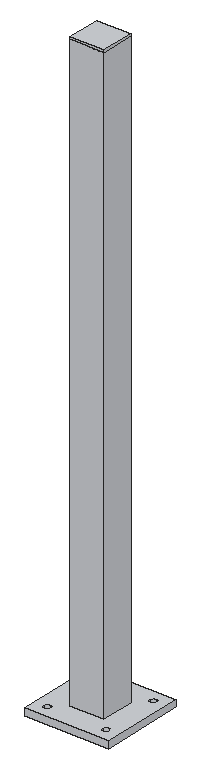
Revit family "Palmshield-Ajax-Louver-Post", category Specialty Equipment, Revit 2025
Family settings
  Round Connector Dimension = Use Diameter
  Part Type = Normal
  OmniClass Number = 23.55.00.00
  OmniClass Title = Manufactured Structures
  Work Plane-Based = No
  Enable Cutting in Views = No
  Always vertical = No
  Cut with Voids When Loaded = No
  Maintain Annotation Orientation = No
  Shared = No
  Room Calculation Point = No
Parameters (values of type "Assembly")
  Warranty URL = "https://palmshieldlouvers.com/wp-content/uploads/2020/01/PalmSHIELD-Warranty-NO-SIGN-LINE.pdf"
  Version = "2020 - v1.0a"  # constant formula
  URL = "https://palmshieldlouvers.com/"
  Product Page URL = "https://palmshieldlouvers.com/products/semi-private-screening/"
  Product Documentation Link = "http://palmshieldlouvers.com/wp-content/uploads/2020/05/PalmSHIELD-Semi-Private-Composite-Technical-Data-Sheet.pdf"
  Model = "Tiberius - Aluminum - Post Assembly"  # constant formula
  Material = none
  Manufacturer Phone Number = "531-329-4406 "  # constant formula
  Manufacturer Email = "mailto: info@palmshieldlouvers.com"
  Manufacturer Address = "12330 Cary Circle, La Vista, NE 68128"  # constant formula
  Manufacturer = "PalmSHIELD"  # constant formula
  Keynote = "05 10 00"
  Instruction Sheet Link = "http://palmshieldlouvers.com/wp-content/uploads/2020/01/PalmSHIELD-Post-Panel-Gate-Installation-Instructions-REV-1.pdf"
  ID [instance] = "Not Assigned"
  Height [instance] = if(Desired Overall Height < C Min Height, C Min Height, if(Desired Overall Height > C Max Height, C Max Height, Desired Overall Height))  # 6' - 0"
  Desired Overall Height [instance] = 6' - 0"
  Description = "Tiberius - Aluminum"  # constant formula
  Default Elevation = 0' - 0"
  Copyright = "Copyright ©2024 The American Fence Company and PalmSHIELD. All Rights Reserved."  # constant formula
  Component Vis [instance] = yes
  Component Name [instance] = "Tiberius - Aluminum - Square Post"  # constant formula
  C Width = 0' - 3"  # constant formula
  C Min Height [instance] = 3' - 4"  # constant formula
  C Max Height [instance] = 12' - 0"  # constant formula
  Assembly Code = "F1020100"
Reference planes (in)
  plane 1 "Center (Front/Back)": y = 0
  plane 2: z = 0
  plane 3 "Center (Left/Right)": x = 0
  plane 4: z = 72
  plane 5: x = 1.5
  plane 6: x = -1.5
  plane 7: y = 1.5
  plane 8: y = -1.5
Lines and regions (in)
  reference lines
    curve 1: line (-23.79961, 0, 72) -> (24.20039, 0, 72)
Dimensions and locks (in)
  "Desired Overall Height": curve 1 to plane 2
  "Height": plane 4 to plane 2
  equal spacing: plane 6, plane 3 "Center (Left/Right)", plane 5
  equal spacing: plane 7, plane 1 "Center (Front/Back)", plane 8
  "C Width": plane 8 to plane 7
  "C Width": plane 6 to plane 5
  aligned and locked: plane 2 to level
Automatic sketch dimensions
  plane 6 to curve 1 = 1' - 10.29961"
  plane 5 to curve 1 = 1' - 10.70039"
Nested families (in)
  nested 1: "Screening-Louver-Assembly-Post-Palmshield-Ajax" at (0, 0, 0), Desired Overall Height <- "Desired Overall Height", Overall Height <- "Height", ID <- "ID", Component Vis <- "Component Vis", type "Assembly"
    with Overall Height 6' - 0", ID "Not Assigned", Desired Overall Height 6' - 0", Component Vis yes, Component Name "Atlas - Post Assembly"
  nested 2: "Nested-Base_Plate-Palmshield-Ajax" at (0, 0, 0), type "10" x 10" x 3/4""
    with Material none, ID "Not Assigned", Component Name "Ajax - Aluminum - Base Plate"
  nested 3: "Nested-Square_Post-Palmshield-Ajax" at (0, 0, 0.75), type "4" X 4" X 1/4" SQ. TUBE"
    with Material none, Length 5' - 11", ID "Not Assigned", Component Name "Ajax - Aluminum - Square Post"
  nested 4: "Nested-Top_Cap-Palmshield-Ajax" at (0, 0, 71.75), type "4" x 4" x 1/4""
    with Material none, ID "Not Assigned", Component Name "Ajax - Aluminum - Square Top Cap"
Definition of nested family "Nested-Base_Plate-Palmshield-Ajax"
  Parameters (values of type "10" x 10" x 3/4"")
    Width = 0' - 10"  # constant formula
    Warranty URL = "https://palmshieldlouvers.com/wp-content/uploads/2020/01/PalmSHIELD-Warranty-NO-SIGN-LINE.pdf"
    Version = "2020 - v1.0a"  # constant formula
    URL = "https://palmshieldlouvers.com/"
    Thickness = 0' - 0 3/4"  # constant formula
    Product Page URL = "https://palmshieldlouvers.com/products/ajax-louver/"
    Product Documentation Link = "https://palmshieldlouvers.com/wp-content/uploads/2020/04/PalmSHIELD-Diagonal-Louvers-Technical-Data-Sheet.pdf"
    Model = "Ajax"  # constant formula
    Material [instance] = none
    Manufacturer Phone Number = "531-329-4406 "  # constant formula
    Manufacturer Fax Number = "Consult Manufacturer Website for More Information"  # constant formula
    Manufacturer Email = "mailto: info@palmshieldlouvers.com"
    Manufacturer Address = "12330 Cary Circle, La Vista, NE 68128"  # constant formula
    Manufacturer = "PalmSHIELD"  # constant formula
    Keynote = "05 10 00"
    Instruction Sheet Link = "https://palmshieldlouvers.com/wp-content/uploads/2020/01/PalmSHIELD-Post-Panel-Gate-Installation-Instructions-REV-1.pdf"
    ID [instance] = ""
    Hole Diameter = 0' - 0 3/4"  # constant formula
    Description = "Ajax - Base Plate"  # constant formula
    Default Elevation = 4' - 0"
    Copyright = "Copyright ©2024 The American Fence Company and PalmSHIELD. All Rights Reserved."  # constant formula
    Component Name [instance] = "Ajax - Aluminum - Base Plate"  # constant formula
    C Hole Offset = 0' - 1 1/2"  # constant formula
    Assembly Code = "F1020100"
  Reference planes (in)
    plane 1 "Center (Front/Back)": y = 0
    plane 2: z = 0
    plane 3 "Center (Left/Right)": x = 0
    plane 4: y = 5
    plane 5: x = 5
    plane 6: y = -5
    plane 7: x = -5
    plane 8: z = 0.75
  Forms (in)
    Extrusion 1, solid
      sketch origin (0, 0, 0) x (1, 0, 0) y (0, 1, 0)
        loop
          line (-48, 48) -> (-48, -48) -> (48, -48) -> (48, 48) -> (-48, 48)
      from 0 to -12
    Extrusion 2, solid, material <- "Material"
      sketch origin (0, 0, 0) x (1, 0, 0) y (0, 1, 0)
        loop
          line (-5, 5) -> (-5, -5) -> (5, -5) -> (5, 5) -> (-5, 5)
        loop
          circle (-3.5, 3.5) r 0.375
        loop
          circle (3.5, 3.5) r 0.375
        loop
          circle (-3.5, -3.5) r 0.375
        loop
          circle (3.5, -3.5) r 0.375
      from 0 to 0.75
  Dimensions and locks (in)
    equal spacing: plane 7, plane 3 "Center (Left/Right)", plane 5
    equal spacing: plane 4, plane 1 "Center (Front/Back)", plane 6
    "Width": plane 7 to plane 5
    "Width": plane 4 to plane 6
    "C Hole Offset": plane 7 to Extrusion 2 sketch curve  (x2)
    "C Hole Offset": Extrusion 2 sketch curve to plane 5  (x2)
    "C Hole Offset": plane 4 to Extrusion 2 sketch curve  (x2)
    "C Hole Offset": plane 6 to Extrusion 2 sketch curve  (x2)
    "Thickness": plane 8 to plane 2
    "Hole Diameter": diameter of Extrusion 2 sketch curve  (x4)
    aligned and locked: plane 2 to Extrusion 1
    aligned and locked: level to Extrusion 1
    aligned and locked: Extrusion 2 sketch curve to plane 4
    aligned and locked: plane 7 to Extrusion 2 sketch curve
    aligned and locked: Extrusion 2 sketch curve to plane 6
    aligned and locked: Extrusion 2 sketch curve to plane 5
    aligned and locked: plane 8 to Extrusion 2
  Automatic sketch dimensions
    Extrusion 1 sketch curve to Extrusion 1 sketch curve = 8' - 0"  (x2)
Definition of nested family "Nested-Square_Post-Palmshield-Ajax"
  Parameters (values of type "4" X 4" X 1/4" SQ. TUBE")
    Width = 0' - 4"  # constant formula
    Warranty URL = "https://palmshieldlouvers.com/wp-content/uploads/2020/01/PalmSHIELD-Warranty-NO-SIGN-LINE.pdf"
    Version = "2020 - v1.0a"  # constant formula
    URL = "https://palmshieldlouvers.com/"
    Thickness = 0' - 0 1/4"  # constant formula
    Product Page URL = "https://palmshieldlouvers.com/products/ajax-louver/"
    Product Documentation Link = "https://palmshieldlouvers.com/wp-content/uploads/2020/04/PalmSHIELD-Diagonal-Louvers-Technical-Data-Sheet.pdf"
    Model = "Ajax"  # constant formula
    Material [instance] = none
    Manufacturer Phone Number = "531-329-4406 "  # constant formula
    Manufacturer Fax Number = "Consult Manufacturer Website for More Information"  # constant formula
    Manufacturer Email = "mailto: info@palmshieldlouvers.com"
    Manufacturer Address = "12330 Cary Circle, La Vista, NE 68128"  # constant formula
    Manufacturer = "PalmSHIELD"  # constant formula
    Length [instance] = 4' - 4.86713"
    Keynote = "05 10 00"
    Instruction Sheet Link = "https://palmshieldlouvers.com/wp-content/uploads/2020/01/PalmSHIELD-Post-Panel-Gate-Installation-Instructions-REV-1.pdf"
    ID [instance] = ""
    Description = "Ajax - Post"  # constant formula
    Default Elevation = 4' - 0"
    Copyright = "Copyright ©2024 The American Fence Company and PalmSHIELD. All Rights Reserved."  # constant formula
    Component Name [instance] = "Ajax - Aluminum - Square Post"  # constant formula
    Assembly Code = "F1020100"
  Reference planes (in)
    plane 1 "Center (Front/Back)": y = 0
    plane 2: z = 0
    plane 3 "Center (Left/Right)": x = 0
    plane 4: z = 52.86713
    plane 5: x = 2
    plane 6: x = -2
  Forms (in)
    Extrusion 1, solid
      sketch origin (0, 0, 0) x (1, 0, 0) y (0, 1, 0)
        loop
          line (-48, 48) -> (-48, -48) -> (48, -48) -> (48, 48) -> (-48, 48)
      from 0 to -12
    Sweep 2, solid, material <- "Material"
      path origin (0, 0, 0) x (0, 1, 0) y (0, 0, 1)
        loop
          line (0, 0) -> (0, 52.86713)
      profile "Profile-Palmshield-Square : 4" X 4" X 1/4" SQ. TUBE" origin (0, 0, 26.43357) x (0, -1, 0) y (1, 0, 0)
        loop
          line (1.75, 1.75) -> (-1.75, 1.75) -> (-1.75, -1.75) -> (1.75, -1.75) -> (1.75, 1.75)
        loop
          line (-2, -2) -> (2, -2) -> (2, 2) -> (-2, 2) -> (-2, -2)
  Dimensions and locks (in)
    "Length": plane 4 to plane 2
    equal spacing: plane 5, plane 3 "Center (Left/Right)", plane 6
    "Width": plane 5 to plane 6
    aligned and locked: plane 2 to Extrusion 1
    aligned and locked: level to Extrusion 1
    aligned and locked: plane 1 "Center (Front/Back)" to Sweep 2 sketch curve
    aligned and locked: plane 4 to Sweep 2 sketch curve
  Automatic sketch dimensions
    Extrusion 1 sketch curve to Extrusion 1 sketch curve = 8' - 0"  (x2)
    Sweep 2 sketch curve to level = 0' - 0"
Definition of nested family "Nested-Top_Cap-Palmshield-Ajax"
  Parameters (values of type "4" x 4" x 1/4"")
    Width = 0' - 4"  # constant formula
    Warranty URL = "https://palmshieldlouvers.com/wp-content/uploads/2020/01/PalmSHIELD-Warranty-NO-SIGN-LINE.pdf"
    Version = "2020 - v1.0a"  # constant formula
    URL = "https://palmshieldlouvers.com/"
    Thickness = 0' - 0 1/4"  # constant formula
    Product Page URL = "https://palmshieldlouvers.com/products/ajax-louver/"
    Product Documentation Link = "https://palmshieldlouvers.com/wp-content/uploads/2020/04/PalmSHIELD-Diagonal-Louvers-Technical-Data-Sheet.pdf"
    Model = "Ajax"  # constant formula
    Material [instance] = none
    Manufacturer Phone Number = "531-329-4406 "  # constant formula
    Manufacturer Fax Number = "Consult Manufacturer Website for More Information"  # constant formula
    Manufacturer Email = "mailto: info@palmshieldlouvers.com"
    Manufacturer Address = "12330 Cary Circle, La Vista, NE 68128"  # constant formula
    Manufacturer = "PalmSHIELD"  # constant formula
    Keynote = "05 10 00"
    Instruction Sheet Link = "https://palmshieldlouvers.com/wp-content/uploads/2020/01/PalmSHIELD-Post-Panel-Gate-Installation-Instructions-REV-1.pdf"
    ID [instance] = ""
    Description = "Ajax - Top Cap"  # constant formula
    Default Elevation = 4' - 0"
    Copyright = "Copyright ©2024 The American Fence Company and PalmSHIELD. All Rights Reserved."  # constant formula
    Component Name [instance] = "Ajax - Aluminum - Square Top Cap"  # constant formula
    Assembly Code = "F1020100"
  Reference planes (in)
    plane 1 "Center (Front/Back)": y = 0
    plane 2: z = 0
    plane 3 "Center (Left/Right)": x = 0
    plane 4: y = 2
    plane 5: x = 2
    plane 6: y = -2
    plane 7: x = -2
    plane 8: z = 0.25
  Forms (in)
    Extrusion 1, solid
      sketch origin (0, 0, 0) x (1, 0, 0) y (0, 1, 0)
        loop
          line (-48, 48) -> (-48, -48) -> (48, -48) -> (48, 48) -> (-48, 48)
      from 0 to -12
    Extrusion 2, solid, material <- "Material"
      sketch origin (0, 0, 0) x (1, 0, 0) y (0, 1, 0)
        loop
          line (-2, 2) -> (-2, -2) -> (2, -2) -> (2, 2) -> (-2, 2)
      from 0 to 0.25
  Dimensions and locks (in)
    equal spacing: plane 7, plane 3 "Center (Left/Right)", plane 5
    equal spacing: plane 4, plane 1 "Center (Front/Back)", plane 6
    "Width": plane 7 to plane 5
    "Width": plane 4 to plane 6
    "Thickness": plane 8 to plane 2
    aligned and locked: plane 2 to Extrusion 1
    aligned and locked: level to Extrusion 1
    aligned and locked: Extrusion 2 sketch curve to plane 4
    aligned and locked: plane 7 to Extrusion 2 sketch curve
    aligned and locked: Extrusion 2 sketch curve to plane 6
    aligned and locked: Extrusion 2 sketch curve to plane 5
    aligned and locked: plane 8 to Extrusion 2
  Automatic sketch dimensions
    Extrusion 1 sketch curve to Extrusion 1 sketch curve = 8' - 0"  (x2)
Definition of nested family "Screening-Louver-Assembly-Post-Palmshield-Ajax"
  Parameters (values of type "Assembly")
    Width = 0' - 4"  # constant formula
    Warranty URL = "https://palmshieldlouvers.com/wp-content/uploads/2020/01/PalmSHIELD-Warranty-NO-SIGN-LINE.pdf"
    Version = "2020 - v1.0a"  # constant formula
    URL = "https://palmshieldlouvers.com/"
    Top Cap Thickness = 0' - 0 1/4"  # constant formula
    Product Page URL = "https://palmshieldlouvers.com/products/ajax-louver/"
    Product Documentation Link = "https://palmshieldlouvers.com/wp-content/uploads/2020/04/PalmSHIELD-Diagonal-Louvers-Technical-Data-Sheet.pdf"
    Overall Height [instance] = if(Desired Overall Height < 3' 0", 3' 0", if(Desired Overall Height > 12' 0", 12' 0", Desired Overall Height))  # 6' - 0"
    Model = "Atlas - Post Assembly"  # constant formula
    Material = none
    Manufacturer Phone Number = "531-329-4406 "  # constant formula
    Manufacturer Fax Number = "Consult Manufacturer Website for More Information"  # constant formula
    Manufacturer Email = "mailto: info@palmshieldlouvers.com"
    Manufacturer Address = "12330 Cary Circle, La Vista, NE 68128"  # constant formula
    Manufacturer = "PalmSHIELD"  # constant formula
    Keynote = "05 10 00"
    Instruction Sheet Link = "https://palmshieldlouvers.com/wp-content/uploads/2020/01/PalmSHIELD-Post-Panel-Gate-Installation-Instructions-REV-1.pdf"
    ID [instance] = "Not Assigned"
    Gusset Side Offset = 0' - 0 1/2"  # constant formula
    Desired Overall Height [instance] = 6' - 0"
    Description = "Atlas - Post Assembly"  # constant formula
    Default Elevation = 4' - 0"
    Copyright = "Copyright ©2024 The American Fence Company and PalmSHIELD. All Rights Reserved."  # constant formula
    Component Vis [instance] = yes
    Component Name [instance] = "Atlas - Post Assembly"  # constant formula
    C Panel Offset from Ground = 0' - 2"  # constant formula
    Base Plate Thickness = 0' - 0 3/4"  # constant formula
    Assembly Code = "F1020100"
  Reference planes (in)
    plane 1 "Center (Front/Back)": y = 0
    plane 2: z = 0
    plane 3 "Center (Left/Right)": x = 0
    plane 4: x = 2
    plane 5: x = -2
    plane 6: z = 72
    plane 7: z = 71.75
    plane 8: z = 2
  Forms (in)
    Extrusion 1, solid
      sketch origin (0, 0, 0) x (1, 0, 0) y (0, 1, 0)
        loop
          line (-48, 48) -> (-48, -48) -> (48, -48) -> (48, 48) -> (-48, 48)
      from 0 to -12
  Lines and regions (in)
    reference lines
      curve 1: line (-64.16684, 0, 72) -> (79.83316, 0, 72)
  Dimensions and locks (in)
    equal spacing: plane 4, plane 3 "Center (Left/Right)", plane 5
    "Width": plane 4 to plane 5
    "Top Cap Thickness": plane 6 to plane 7
    "C Panel Offset from Ground": plane 8 to plane 2
    "Desired Overall Height": curve 1 to plane 2
    "Overall Height": plane 6 to plane 2
    aligned and locked: plane 2 to Extrusion 1
    aligned and locked: level to Extrusion 1
    aligned and locked: plane 3 "Center (Left/Right)" to nested 1
    aligned and locked: plane 1 "Center (Front/Back)" to nested 1
    aligned and locked: plane 7 to nested 2
    aligned and locked: nested 2 to nested 3
    aligned and locked: plane 1 "Center (Front/Back)" to nested 3
  Automatic sketch dimensions
    Extrusion 1 sketch curve to Extrusion 1 sketch curve = 8' - 0"  (x2)
    curve 1 to plane 5 = 5' - 2.16684"
    plane 4 to curve 1 = 6' - 5.83316"
  Nested families (in)
    nested 1: "Nested-Base_Plate-Palmshield-Ajax" at (0, 0, 0), ID <- "ID", Material <- "Material", visible <- "Component Vis", type "10" x 10" x 3/4""
      with Material none, ID "Not Assigned", Component Name "Ajax - Aluminum - Base Plate"
    nested 2: "Nested-Square_Post-Palmshield-Ajax" at (0, 0, 0.75), ID <- "ID", Material <- "Material", visible <- "Component Vis", type "4" X 4" X 1/4" SQ. TUBE"
      with Material none, Length 5' - 11", ID "Not Assigned", Component Name "Ajax - Aluminum - Square Post"
    nested 3: "Nested-Top_Cap-Palmshield-Ajax" at (0, 0, 71.75), ID <- "ID", Material <- "Material", visible <- "Component Vis", type "4" x 4" x 1/4""
      with Material none, ID "Not Assigned", Component Name "Ajax - Aluminum - Square Top Cap"
  Definition of nested family "Nested-Base_Plate-Palmshield-Ajax"
    Parameters (values of type "10" x 10" x 3/4"")
      Width = 0' - 10"  # constant formula
      Warranty URL = "https://palmshieldlouvers.com/wp-content/uploads/2020/01/PalmSHIELD-Warranty-NO-SIGN-LINE.pdf"
      Version = "2020 - v1.0a"  # constant formula
      URL = "https://palmshieldlouvers.com/"
      Thickness = 0' - 0 3/4"  # constant formula
      Product Page URL = "https://palmshieldlouvers.com/products/ajax-louver/"
      Product Documentation Link = "https://palmshieldlouvers.com/wp-content/uploads/2020/04/PalmSHIELD-Diagonal-Louvers-Technical-Data-Sheet.pdf"
      Model = "Ajax"  # constant formula
      Material [instance] = none
      Manufacturer Phone Number = "531-329-4406 "  # constant formula
      Manufacturer Fax Number = "Consult Manufacturer Website for More Information"  # constant formula
      Manufacturer Email = "mailto: info@palmshieldlouvers.com"
      Manufacturer Address = "12330 Cary Circle, La Vista, NE 68128"  # constant formula
      Manufacturer = "PalmSHIELD"  # constant formula
      Keynote = "05 10 00"
      Instruction Sheet Link = "https://palmshieldlouvers.com/wp-content/uploads/2020/01/PalmSHIELD-Post-Panel-Gate-Installation-Instructions-REV-1.pdf"
      ID [instance] = ""
      Hole Diameter = 0' - 0 3/4"  # constant formula
      Description = "Ajax - Base Plate"  # constant formula
      Default Elevation = 4' - 0"
      Copyright = "Copyright ©2024 The American Fence Company and PalmSHIELD. All Rights Reserved."  # constant formula
      Component Name [instance] = "Ajax - Aluminum - Base Plate"  # constant formula
      C Hole Offset = 0' - 1 1/2"  # constant formula
      Assembly Code = "F1020100"
    Reference planes (in)
      plane 1 "Center (Front/Back)": y = 0
      plane 2: z = 0
      plane 3 "Center (Left/Right)": x = 0
      plane 4: y = 5
      plane 5: x = 5
      plane 6: y = -5
      plane 7: x = -5
      plane 8: z = 0.75
    Forms (in)
      Extrusion 1, solid
        sketch origin (0, 0, 0) x (1, 0, 0) y (0, 1, 0)
          loop
            line (-48, 48) -> (-48, -48) -> (48, -48) -> (48, 48) -> (-48, 48)
        from 0 to -12
      Extrusion 2, solid, material <- "Material"
        sketch origin (0, 0, 0) x (1, 0, 0) y (0, 1, 0)
          loop
            line (-5, 5) -> (-5, -5) -> (5, -5) -> (5, 5) -> (-5, 5)
          loop
            circle (-3.5, 3.5) r 0.375
          loop
            circle (3.5, 3.5) r 0.375
          loop
            circle (-3.5, -3.5) r 0.375
          loop
            circle (3.5, -3.5) r 0.375
        from 0 to 0.75
    Dimensions and locks (in)
      equal spacing: plane 7, plane 3 "Center (Left/Right)", plane 5
      equal spacing: plane 4, plane 1 "Center (Front/Back)", plane 6
      "Width": plane 7 to plane 5
      "Width": plane 4 to plane 6
      "C Hole Offset": plane 7 to Extrusion 2 sketch curve  (x2)
      "C Hole Offset": Extrusion 2 sketch curve to plane 5  (x2)
      "C Hole Offset": plane 4 to Extrusion 2 sketch curve  (x2)
      "C Hole Offset": plane 6 to Extrusion 2 sketch curve  (x2)
      "Thickness": plane 8 to plane 2
      "Hole Diameter": diameter of Extrusion 2 sketch curve  (x4)
      aligned and locked: plane 2 to Extrusion 1
      aligned and locked: level to Extrusion 1
      aligned and locked: Extrusion 2 sketch curve to plane 4
      aligned and locked: plane 7 to Extrusion 2 sketch curve
      aligned and locked: Extrusion 2 sketch curve to plane 6
      aligned and locked: Extrusion 2 sketch curve to plane 5
      aligned and locked: plane 8 to Extrusion 2
    Automatic sketch dimensions
      Extrusion 1 sketch curve to Extrusion 1 sketch curve = 8' - 0"  (x2)
  Definition of nested family "Nested-Square_Post-Palmshield-Ajax"
    Parameters (values of type "4" X 4" X 1/4" SQ. TUBE")
      Width = 0' - 4"  # constant formula
      Warranty URL = "https://palmshieldlouvers.com/wp-content/uploads/2020/01/PalmSHIELD-Warranty-NO-SIGN-LINE.pdf"
      Version = "2020 - v1.0a"  # constant formula
      URL = "https://palmshieldlouvers.com/"
      Thickness = 0' - 0 1/4"  # constant formula
      Product Page URL = "https://palmshieldlouvers.com/products/ajax-louver/"
      Product Documentation Link = "https://palmshieldlouvers.com/wp-content/uploads/2020/04/PalmSHIELD-Diagonal-Louvers-Technical-Data-Sheet.pdf"
      Model = "Ajax"  # constant formula
      Material [instance] = none
      Manufacturer Phone Number = "531-329-4406 "  # constant formula
      Manufacturer Fax Number = "Consult Manufacturer Website for More Information"  # constant formula
      Manufacturer Email = "mailto: info@palmshieldlouvers.com"
      Manufacturer Address = "12330 Cary Circle, La Vista, NE 68128"  # constant formula
      Manufacturer = "PalmSHIELD"  # constant formula
      Length [instance] = 4' - 4.86713"
      Keynote = "05 10 00"
      Instruction Sheet Link = "https://palmshieldlouvers.com/wp-content/uploads/2020/01/PalmSHIELD-Post-Panel-Gate-Installation-Instructions-REV-1.pdf"
      ID [instance] = ""
      Description = "Ajax - Post"  # constant formula
      Default Elevation = 4' - 0"
      Copyright = "Copyright ©2024 The American Fence Company and PalmSHIELD. All Rights Reserved."  # constant formula
      Component Name [instance] = "Ajax - Aluminum - Square Post"  # constant formula
      Assembly Code = "F1020100"
    Reference planes (in)
      plane 1 "Center (Front/Back)": y = 0
      plane 2: z = 0
      plane 3 "Center (Left/Right)": x = 0
      plane 4: z = 52.86713
      plane 5: x = 2
      plane 6: x = -2
    Forms (in)
      Extrusion 1, solid
        sketch origin (0, 0, 0) x (1, 0, 0) y (0, 1, 0)
          loop
            line (-48, 48) -> (-48, -48) -> (48, -48) -> (48, 48) -> (-48, 48)
        from 0 to -12
      Sweep 2, solid, material <- "Material"
        path origin (0, 0, 0) x (0, 1, 0) y (0, 0, 1)
          loop
            line (0, 0) -> (0, 52.86713)
        profile "Profile-Palmshield-Square : 4" X 4" X 1/4" SQ. TUBE" origin (0, 0, 26.43357) x (0, -1, 0) y (1, 0, 0)
          loop
            line (1.75, 1.75) -> (-1.75, 1.75) -> (-1.75, -1.75) -> (1.75, -1.75) -> (1.75, 1.75)
          loop
            line (-2, -2) -> (2, -2) -> (2, 2) -> (-2, 2) -> (-2, -2)
    Dimensions and locks (in)
      "Length": plane 4 to plane 2
      equal spacing: plane 5, plane 3 "Center (Left/Right)", plane 6
      "Width": plane 5 to plane 6
      aligned and locked: plane 2 to Extrusion 1
      aligned and locked: level to Extrusion 1
      aligned and locked: plane 1 "Center (Front/Back)" to Sweep 2 sketch curve
      aligned and locked: plane 4 to Sweep 2 sketch curve
    Automatic sketch dimensions
      Extrusion 1 sketch curve to Extrusion 1 sketch curve = 8' - 0"  (x2)
      Sweep 2 sketch curve to level = 0' - 0"
  Definition of nested family "Nested-Top_Cap-Palmshield-Ajax"
    Parameters (values of type "4" x 4" x 1/4"")
      Width = 0' - 4"  # constant formula
      Warranty URL = "https://palmshieldlouvers.com/wp-content/uploads/2020/01/PalmSHIELD-Warranty-NO-SIGN-LINE.pdf"
      Version = "2020 - v1.0a"  # constant formula
      URL = "https://palmshieldlouvers.com/"
      Thickness = 0' - 0 1/4"  # constant formula
      Product Page URL = "https://palmshieldlouvers.com/products/ajax-louver/"
      Product Documentation Link = "https://palmshieldlouvers.com/wp-content/uploads/2020/04/PalmSHIELD-Diagonal-Louvers-Technical-Data-Sheet.pdf"
      Model = "Ajax"  # constant formula
      Material [instance] = none
      Manufacturer Phone Number = "531-329-4406 "  # constant formula
      Manufacturer Fax Number = "Consult Manufacturer Website for More Information"  # constant formula
      Manufacturer Email = "mailto: info@palmshieldlouvers.com"
      Manufacturer Address = "12330 Cary Circle, La Vista, NE 68128"  # constant formula
      Manufacturer = "PalmSHIELD"  # constant formula
      Keynote = "05 10 00"
      Instruction Sheet Link = "https://palmshieldlouvers.com/wp-content/uploads/2020/01/PalmSHIELD-Post-Panel-Gate-Installation-Instructions-REV-1.pdf"
      ID [instance] = ""
      Description = "Ajax - Top Cap"  # constant formula
      Default Elevation = 4' - 0"
      Copyright = "Copyright ©2024 The American Fence Company and PalmSHIELD. All Rights Reserved."  # constant formula
      Component Name [instance] = "Ajax - Aluminum - Square Top Cap"  # constant formula
      Assembly Code = "F1020100"
    Reference planes (in)
      plane 1 "Center (Front/Back)": y = 0
      plane 2: z = 0
      plane 3 "Center (Left/Right)": x = 0
      plane 4: y = 2
      plane 5: x = 2
      plane 6: y = -2
      plane 7: x = -2
      plane 8: z = 0.25
    Forms (in)
      Extrusion 1, solid
        sketch origin (0, 0, 0) x (1, 0, 0) y (0, 1, 0)
          loop
            line (-48, 48) -> (-48, -48) -> (48, -48) -> (48, 48) -> (-48, 48)
        from 0 to -12
      Extrusion 2, solid, material <- "Material"
        sketch origin (0, 0, 0) x (1, 0, 0) y (0, 1, 0)
          loop
            line (-2, 2) -> (-2, -2) -> (2, -2) -> (2, 2) -> (-2, 2)
        from 0 to 0.25
    Dimensions and locks (in)
      equal spacing: plane 7, plane 3 "Center (Left/Right)", plane 5
      equal spacing: plane 4, plane 1 "Center (Front/Back)", plane 6
      "Width": plane 7 to plane 5
      "Width": plane 4 to plane 6
      "Thickness": plane 8 to plane 2
      aligned and locked: plane 2 to Extrusion 1
      aligned and locked: level to Extrusion 1
      aligned and locked: Extrusion 2 sketch curve to plane 4
      aligned and locked: plane 7 to Extrusion 2 sketch curve
      aligned and locked: Extrusion 2 sketch curve to plane 6
      aligned and locked: Extrusion 2 sketch curve to plane 5
      aligned and locked: plane 8 to Extrusion 2
    Automatic sketch dimensions
      Extrusion 1 sketch curve to Extrusion 1 sketch curve = 8' - 0"  (x2)
